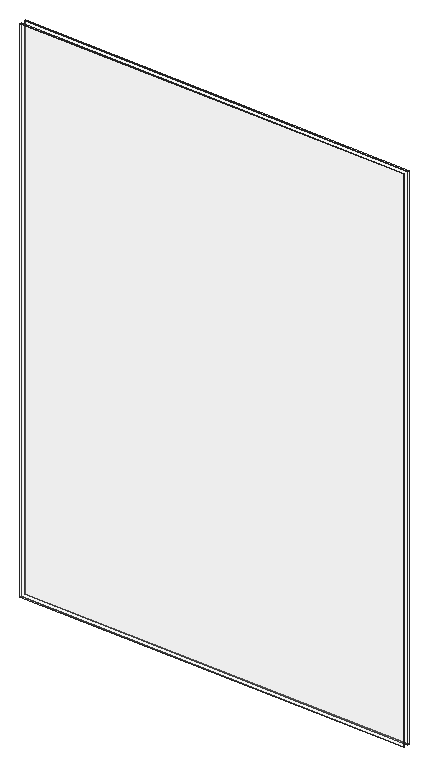
Revit family "Panel_Glass-2 Layer-12mm_Interior", category Curtain Panels, Revit 2024
Family settings
  OmniClass Number = 23.25.20.14.11.11.17
  OmniClass Title = Infill Panels
  Always vertical = Yes
  Cut with Voids When Loaded = No
  Shared = No
Parameters (values of type "Default")
  Glass Panel = _Default - Glass - Transparent
  EA_Repath [instance] = 0.000 mm
  Define Thermal Properties by = Schematic Type
  Assembly Code = ""
  Analytic Construction = "<None>"
Reference planes
  plane 1 "Center (Front/Back)": y = 0
  plane 2: z = 0
  plane 3 "Center (Left/Right)": x = 0
  plane 4 "Left": x = -1500
  plane 5 "Right": x = 1500
  plane 6 "Top": z = 4000
Forms (mm)
  Extrusion 1, solid, material "_Default - Glass - Transparent" <- "Glass Panel"
    sketch origin (0, 21.98, 0) x (1, 0, 0) y (0, 1, 0)
      loop
        line (-1500, 6) -> (-1500, -6) -> (1500, -6) -> (1500, 6) -> (-1500, 6)
    from 0 to 4021.04
  Extrusion 2, solid, material "_Default - Glass - Transparent" <- "Glass Panel"
    sketch origin (0, -21.98, 0) x (1, 0, 0) y (0, 1, 0)
      loop
        line (-1500, 6) -> (-1500, -6) -> (1500, -6) -> (1500, 6) -> (-1500, 6)
    from 0 to 4021.04
Text (mm)
  text "Exterior" at (-2351.972, 1416.179, 0), in view "Ref. Level"
  text "Exterior" at (0, 2290.741, 4406.713), in view "Left"
  text "Exterior" at (0, 1328.187, 4120.349), in view "Right"
Dimensions and locks
  equal spacing: plane 4 "Left", plane 3 "Center (Left/Right)", plane 5 "Right"
  locked: plane 6 "Top" to Extrusion 1 at 21.04
  locked: plane 6 "Top" to Extrusion 2 at 21.04
  aligned and locked: plane 4 "Left" to Extrusion 1 sketch curve
  aligned and locked: plane 5 "Right" to Extrusion 1 sketch curve
  aligned: Extrusion 1 to plane 6 "Top"  (x3)
  aligned: Extrusion 1 to plane 2
  aligned and locked: plane 4 "Left" to Extrusion 2
  aligned and locked: plane 4 "Left" to Extrusion 1
  aligned and locked: Extrusion 2 to plane 5 "Right"
  aligned and locked: Extrusion 1 to plane 5 "Right"
  aligned: Extrusion 2 to plane 6 "Top"  (x3)
  aligned: Extrusion 2 to plane 2
Automatic sketch dimensions
  Extrusion 1 sketch curve to plane 1 "Center (Front/Back)" = 15.980 mm
  Extrusion 1 sketch curve to Extrusion 1 sketch curve = 12.000 mm
  Extrusion 2 sketch curve to plane 4 "Left" = 0.000 mm
  Extrusion 2 sketch curve to plane 5 "Right" = 0.000 mm
  plane 1 "Center (Front/Back)" to Extrusion 2 sketch curve = 27.980 mm
  Extrusion 2 sketch curve to Extrusion 2 sketch curve = 12.000 mm
